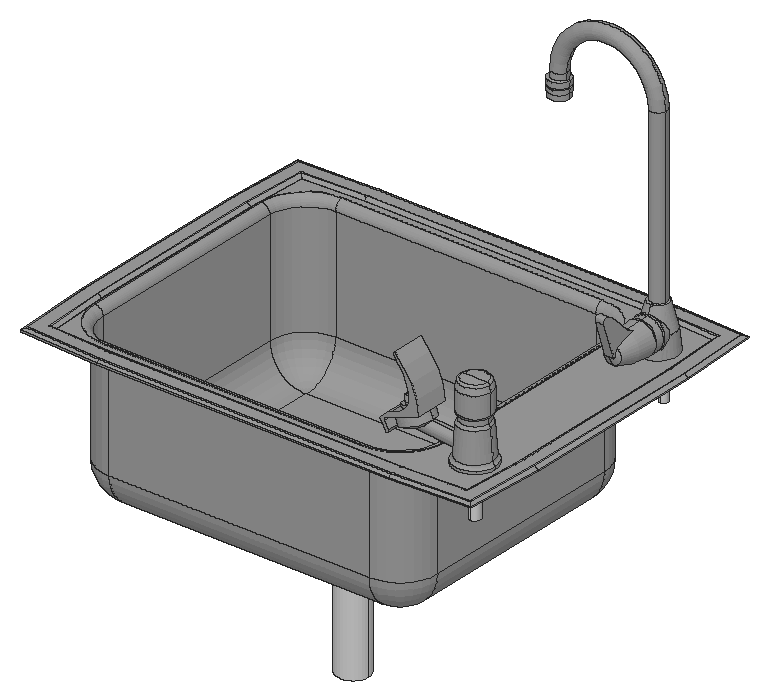
Revit family "equip-sink-clsrm-elkay-s-lustrtne-drkr2217rc", category Plumbing Fixtures, Revit 2019 (continued)
Definition of nested family "equip-bubbler-elkay-LK1141A"
  Automatic sketch dimensions
    Extrusion 4 sketch curve to Extrusion 4 sketch curve = 0' - 0.0394"
    Extrusion 4 sketch curve to Extrusion 4 sketch curve = 0' - 0.09125"
    Extrusion 4 sketch curve to Extrusion 4 sketch curve = 0' - 0.01923"
    Extrusion 4 sketch curve to Extrusion 4 sketch curve = 0' - 0.22918"
    Extrusion 4 sketch curve to Extrusion 4 sketch curve = 0' - 0.02076"
    Extrusion 4 sketch curve to Extrusion 4 sketch curve = 0' - 0.02216"
    Extrusion 4 sketch curve to Extrusion 4 sketch curve = 0' - 0.02134"
    Extrusion 4 sketch curve to Extrusion 4 sketch curve = 0' - 0.15941"
    plane 8 "Masking Region" to Extrusion 4 sketch curve = 0' - 0.25743"
    Extrusion 4 sketch curve to Extrusion 4 sketch curve = 0' - 0.46368"
    Extrusion 4 sketch curve to Extrusion 4 sketch curve = 0' - 0.13821"
    Extrusion 4 sketch curve to Extrusion 4 sketch curve = 0' - 0.20225"
    Extrusion 4 sketch curve to Extrusion 4 sketch curve = 0' - 0.11353"
    plane 8 "Masking Region" to Extrusion 4 sketch curve = 0' - 0.50139"
    Extrusion 4 sketch curve to Extrusion 4 sketch curve = 0' - 0.06529"
    Extrusion 4 sketch curve to Extrusion 4 sketch curve = 0' - 0.05449"
    plane 8 "Masking Region" to Extrusion 4 sketch curve = 0' - 0.58523"
    Extrusion 4 sketch curve to Extrusion 4 sketch curve = 0' - 0.04973"
    Extrusion 4 sketch curve to Extrusion 4 sketch curve = 0' - 0.04077"
    Extrusion 4 sketch curve to Extrusion 4 sketch curve = 0' - 0.03095"
    plane 8 "Masking Region" to Extrusion 4 sketch curve = 0' - 0.79129"
    Extrusion 4 sketch curve to Extrusion 4 sketch curve = 0' - 0.0691"
    Extrusion 4 sketch curve to Extrusion 4 sketch curve = 0' - 0.02318"
    plane 8 "Masking Region" to Extrusion 4 sketch curve = 0' - 0.99254"
    Extrusion 4 sketch curve to Extrusion 4 sketch curve = 0' - 0.00573"
    plane 8 "Masking Region" to Extrusion 4 sketch curve = 0' - 0.84887"
    Extrusion 4 sketch curve to Extrusion 4 sketch curve = 0' - 0.00775"
    plane 8 "Masking Region" to Extrusion 4 sketch curve = 0' - 0.94879"
    Extrusion 4 sketch curve to Extrusion 4 sketch curve = 0' - 0.00346"
    plane 8 "Masking Region" to Extrusion 4 sketch curve = 0' - 0.90116"
    Extrusion 4 sketch curve to Extrusion 4 sketch curve = 0' - 0.00067"
    plane 8 "Masking Region" to Extrusion 4 sketch curve = 0' - 0.29542"
    Extrusion 4 sketch curve to Extrusion 4 sketch curve = 0' - 0.54782"
    Extrusion 4 sketch curve to Extrusion 4 sketch curve = 0' - 0.037"
    Extrusion 4 sketch curve to Extrusion 4 sketch curve = 0' - 0.01821"
    Extrusion 4 sketch curve to Extrusion 4 sketch curve = 0' - 0.08332"
    Extrusion 4 sketch curve to Extrusion 4 sketch curve = 0' - 0.04079"
    Extrusion 4 sketch curve to Extrusion 4 sketch curve = 0' - 0.11952"
    Extrusion 4 sketch curve to Extrusion 4 sketch curve = 0' - 0.1288"
    Extrusion 4 sketch curve to Extrusion 4 sketch curve = 0' - 0.13956"
    Extrusion 4 sketch curve to Extrusion 4 sketch curve = 0' - 0.15222"
    Extrusion 4 sketch curve to Extrusion 4 sketch curve = 0' - 0 33/128"
    Extrusion 4 sketch curve to Extrusion 4 sketch curve = 0' - 0.2453"
    Extrusion 4 sketch curve to Extrusion 4 sketch curve = 0' - 0.2277"
    Extrusion 4 sketch curve to Extrusion 4 sketch curve = 0' - 0.02776"
    Extrusion 4 sketch curve to Extrusion 4 sketch curve = 0' - 0.0293"
    Extrusion 4 sketch curve to Extrusion 4 sketch curve = 0' - 0.02797"
    Extrusion 4 sketch curve to Extrusion 4 sketch curve = 0' - 0.02645"
    Extrusion 4 sketch curve to Extrusion 4 sketch curve = 0' - 0.1387"
    Extrusion 4 sketch curve to Extrusion 4 sketch curve = 0' - 0.03586"
    Extrusion 4 sketch curve to Extrusion 4 sketch curve = 0' - 0.01837"
    plane 8 "Masking Region" to Revolve 3 sketch curve = 0' - 0.60143"
    Revolve 3 sketch curve to plane 6 = 0' - 2.55789"
    plane 8 "Masking Region" to Revolve 3 sketch curve = 0' - 0.67547"
    Revolve 3 sketch curve to Revolve 3 sketch curve = 0' - 0.20343"
    plane 8 "Masking Region" to Revolve 3 sketch curve = 0' - 0.00034"
    Revolve 3 sketch curve to Revolve 3 sketch curve = 0' - 0.21399"
    plane 8 "Masking Region" to Revolve 3 sketch curve = 0' - 0.48632"
    Revolve 3 sketch curve to Revolve 3 sketch curve = 0' - 0.13244"
    Revolve 3 sketch curve to plane 8 "Masking Region" = 0' - 0.41205"
    Revolve 3 sketch curve to Revolve 3 sketch curve = 0' - 0.14681"
    plane 8 "Masking Region" to Revolve 3 sketch curve = 0' - 0.41207"
    Revolve 3 sketch curve to Revolve 3 sketch curve = 0' - 0.02702"
    Revolve 3 sketch curve to plane 8 "Masking Region" = 0' - 0.52147"
    Revolve 3 sketch curve to Revolve 3 sketch curve = 0' - 0.03895"
    plane 8 "Masking Region" to Revolve 3 sketch curve = 0' - 0.47756"
    plane 8 "Masking Region" to Revolve 3 sketch curve = 0' - 0.18859"
    Revolve 3 sketch curve to plane 8 "Masking Region" = 0' - 0.54909"
    Revolve 3 sketch curve to Revolve 3 sketch curve = 0' - 0.27066"
    plane 8 "Masking Region" to Revolve 3 sketch curve = 0' - 0.2938"
    Revolve 3 sketch curve to plane 8 "Masking Region" = 0' - 0.13403"
    Revolve 3 sketch curve to Revolve 3 sketch curve = 0' - 0.15571"
    radius of Sweep 2 sketch curve = 0' - 0 5/16"
    radius of curve 4 = 0' - 0.75014"
  Connectors (in)
    piping at (0, 0, -2.396449), diameter 0.5, driven by "Nominal Radius", driven by "CW Flow Rate"
      settings: on Extrusion 5, index 1, connector inside diameter 1/2", connector length 0' - 0", flow factor 0, pipe flow 2 GPM, pressure drop 0.00 psi, fitting loss kfactor 0, connector angle 0.00°, fixture units 0, engagement length 0' - 0", angle of deflection 0.00°, flow configuration 1, flow direction 1, fitting loss method 0, system type 29, joint type 0, gender type 0, connector reference index -1, connector utility 0, adjustable connector no, is connector primary yes, connector description "Cold Water Supply"
Definition of nested family "equip-faucet-elkay-LKD208513"
  Parameters
    Type Comments = ""
    Stem Material = none
    OmniClass Title = "Mixing Faucets"
    OmniClass Code = "23.45.55.17"
    Nominal Radius = Nominal Dia / 2  # 0' - 0 3/16"
    Nominal Dia = 0' - 0 3/8"
    Model = ""
    MasterFormat Title = "Commercial Faucets"
    MasterFormat Number = "22 42 39"
    Manufacturer = "Elkay"
    Keynote = ""
    HW Flow Rate = 2 GPM
    Faucet Material = none
    Description = ""
    Default Elevation = 3' - 0"
    Cost = 0
    CW Flow Rate = 2 GPM
    Assembly Code = "D2010900"
  Reference planes (in)
    plane 1 "Center (Front/Back)": y = 0
    plane 2 "Sink Deck": z = 0
    plane 3 "Center (Left/Right)": x = 0
    plane 4 "Bottom of Stem": z = -2.12225
    plane 5 "Masking Region": z = 1.25
    plane 6 "CL Back Conn": y = 0.2499908
    plane 7 "CL Front Conn": y = -0.2500092
    plane 8 "Back": y = 0.8717634
    plane 9 "Front": y = -0.8748039
    plane 10 "Right": x = 2.8962735
    plane 11 "Left": x = -2.8962735
  Forms (in)
    Sweep 1, solid, material <- "Faucet Material"
      path origin (0, 0, 0) x (0, 1, 0) y (0, 0, 1)
        loop
          line (0, 2.125) -> (0, 10.3750001)
          arc (0, 10.3750001) -> (-2.3752703, 12.75) -> (-4.7499999, 10.3744594) r 2.375
          line (-4.7499999, 10.3744594) -> (-4.7499999, 9.5941003)
      profile origin (0, 0, 6.25) x (0, -1, 0) y (1, 0, 0)
        loop
          circle (0, 0) r 0.375
    Revolve 2, solid, material <- "Faucet Material"
      sketch origin (0, 0, 0) x (1, 0, 0) y (0, 0, 1)
        loop
          line (0, 2.232) -> (0, 0) -> (0.8752501, 0)
          arc (0.8752501, 0) -> (0.8420182, 0.4847188) -> (0.7752433, 0.9659649) r 7
          arc (0.7752433, 0.9659649) -> (0.6469792, 1.5520504) -> (0.4690001, 2.125) r 7
          line (0.4690001, 2.125) -> (0.29525, 2.232) -> (0, 2.232)
        axis (0, 2.232) -> (0, 0)
      angle from 0 to 360
    Revolve 3, solid, material <- "Faucet Material"
      sketch origin (0, 0, 0) x (0, 1, 0) y (0, 0, 1)
        loop
          line (-4.7499999, 10.1878591) -> (-5.0554325, 10.1878591)
          arc (-5.0554325, 10.1878591) -> (-5.1404736, 10.0854811) -> (-5.2659999, 10.0412501) r 0.25
          line (-5.2659999, 10.0412501) -> (-5.266, 9.8112501) -> (-5.1775, 9.8112501) -> (-5.1775, 9.7152501) -> (-5.2625, 9.7152501) -> (-5.2625, 9.5302501) -> (-5.2307425, 9.5302501) -> (-5.2307425, 9.2652501) -> (-4.7499999, 9.2652501) -> (-4.7499999, 10.1878591)
        axis (-4.7499999, 10.1878591) -> (-4.7499999, 9.2652501)
      angle from 0 to 360
    Extrusion 4, solid, material <- "Stem Material"
      sketch origin (0, 0, 0) x (1, 0, 0) y (0, 1, 0)
        loop
          circle (0, -0.2500092) r 0.1875
      from -2.12225 to 0
    Extrusion 5, solid, material <- "Stem Material"
      sketch origin (0, 0, 0) x (1, 0, 0) y (0, 1, 0)
        loop
          circle (0, 0.2499908) r 0.1875
      from -2.12225 to 0
    Extrusion 6, solid, material <- "Faucet Material"
      sketch origin (0, 0, 0) x (-1, 0, 0) y (0, 0, -1)
        loop
          line (-2.8962735, -2.6289157) -> (-2.1584935, -1.8400887)
          arc (-2.1584935, -1.8400887) -> (-2.0664564, -1.762824) -> (-1.9586423, -1.7097506) r 0.5
          line (-1.9586423, -1.7097506) -> (-1.7211454, -1.6265447) -> (-1.7211454, -0.96875) -> (-2.9532815, -0.96875)
          arc (-2.9532815, -0.96875) -> (-3.2673467, -1.8076982) -> (-3.5093841, -2.6701882) r 10.589852
          spline (-3.5093841, -2.6701882) -> (-3.5194754, -2.7387654) -> (-3.5151979, -2.7970148) -> (-3.4966788, -2.8432054) -> (-3.4644682, -2.875965) -> (-3.4195233, -2.8943201) -> (-3.3631795, -2.8977255) -> (-3.2971108, -2.8860797) -> (-3.2232804, -2.859729) -> (-3.143882, -2.8194563) -> (-3.0612746, -2.7664581) -> (-2.9779129, -2.7023092) -> (-2.8962735, -2.6289157)
      from -0.2070313 to 0.2070313
    Revolve 7, solid, material <- "Faucet Material"
      sketch origin (0, 0, 0) x (1, 0, 0) y (0, 0, 1)
        loop
          arc (2.9532815, 0.96875) -> (2.8568974, 1.189374) -> (2.7555227, 1.40775) r 10.589852
          arc (2.7555227, 1.40775) -> (1.9602788, 1.6454009) -> (1.1349999, 1.73375) r 4.5234572
          line (1.1349999, 1.73375) -> (1.1349999, 1.49375) -> (1.02025, 1.49375) -> (1.02025, 0.96875) -> (2.9532815, 0.96875)
        axis (2.9532815, 0.96875) -> (1.02025, 0.96875)
      angle from 0 to 360
    Revolve 8, solid, material <- "Faucet Material"
      sketch origin (0, 0, 0) x (-1, 0, 0) y (0, 0, 1)
        loop
          line (-1.02025, 0.96875) -> (0, 0.96875) -> (0, 1.6286896) -> (-0.5804985, 1.7627082)
          arc (-0.5804985, 1.7627082) -> (-0.615052, 1.7310048) -> (-0.660637, 1.7200021) r 0.09375
          arc (-0.660637, 1.7200021) -> (-0.840466, 1.7205601) -> (-1.02025, 1.7164984) r 7
          line (-1.02025, 1.7164984) -> (-1.02025, 0.96875)
        axis (-1.02025, 0.96875) -> (0, 0.96875)
      angle from 0 to 360
  Cuts and joins
    joined: Revolve 2, Revolve 8
    joined: Extrusion 6, Revolve 7
  Lines and regions (in)
    Masking region 1
      outline origin (0, 0, 1.25) x (0, -1, 0) y (1, 0, 0)
        loop
          arc (0.7920052, 0.3718698) -> (-0.8717634, -0.0008665) -> (0.7927429, -0.3702945) r 0.8734425
          arc (0.7927429, -0.3702945) -> (0.8748039, 0.0008696) -> (0.7920052, 0.3718698) r 0.876483
    Masking region 2
      outline origin (0, 0, 1.25) x (0, -1, 0) y (1, 0, 0)
        loop
          arc (0, 0.375) -> (-0.375, 0) -> (0, -0.375) r 0.375
          line (0, -0.375) -> (4.4325976, -0.375)
          arc (4.4325976, -0.375) -> (5.271116, 0) -> (4.4325976, 0.375) r 0.5031124
          line (4.4325976, 0.375) -> (0, 0.375)
    Masking region 3
      outline origin (0, 0, 1.25) x (0, -1, 0) y (1, 0, 0)
        loop
          line (0.525, 1.02025) -> (0.525, 1.1349999) -> (0.765, 1.1349999)
          arc (0.765, 1.1349999) -> (0.6767038, 1.9602911) -> (0.4389654, 2.7555157) r 4.5192596
          line (0.4389654, 2.7555157) -> (0.2070313, 2.8630131) -> (-0.2070313, 2.8630131) -> (-0.4389654, 2.7555157)
          arc (-0.4389654, 2.7555157) -> (-0.6767038, 1.9602911) -> (-0.765, 1.1349999) r 4.5192596
          line (-0.765, 1.1349999) -> (-0.525, 1.1349999) -> (-0.525, 1.02025) -> (-0.748021, 1.02025) -> (-0.7508321, 0.6354943)
          arc (-0.7508321, 0.6354943) -> (-0.7633642, 0.5985315) -> (-0.7954714, 0.5763407) r 0.0621162
          line (-0.7954714, 0.5763407) -> (-0.768544, 0.397785)
          arc (-0.768544, 0.397785) -> (-0.0004519, 0.8667545) -> (0.7688415, 0.3997583) r 0.8653064
          line (0.7688415, 0.3997583) -> (0.7954714, 0.5763407)
          arc (0.7954714, 0.5763407) -> (0.7633642, 0.5985315) -> (0.7508321, 0.6354943) r 0.0621162
          line (0.7508321, 0.6354943) -> (0.748021, 1.02025) -> (0.525, 1.02025)
    Masking region 4
      outline origin (0, 0, 1.25) x (0, -1, 0) y (1, 0, 0)
        loop
          line (0.2070313, 3.5197715) -> (-0.2070312, 3.5197715) -> (-0.2070312, 1.4017801) -> (0.2070313, 1.4017801) -> (0.2070313, 3.5197715)
    reference lines, not visible
      curve 1: line (0, 0, 0.2813991) -> (0, 0, 2.8483181)
      curve 2: line (0, 0, 2.4508523) -> (0, 0, 0.2813991)
      curve 3: line (0, 0, 2.4508523) -> (0, 0, 0.2813991)
      curve 4: line (0, 0, 7.0063991) -> (0, 0, 0.2813991)
      curve 5: line (0, 0, 6.2563991) -> (0, 0, 0.2813991)
      curve 6: line (0, 0, 2.6763937) -> (0, 0, 1.3263991)
      curve 7: line (0, 0, 2.9662485) -> (0, 0, 0.2813991)
      curve 8: line (0, 0, 3.4210792) -> (0, 0, 0.2813991)
      curve 14: line (0, 0, 0.2813991) -> (0, 0, 2.8483181)
      curve 15: line (0, 0, 2.4508523) -> (0, 0, 0.2813991)
      curve 16: line (0, 0, 2.4508523) -> (0, 0, 0.2813991)
      curve 17: line (0, 0, 7.0063991) -> (0, 0, 0.2813991)
      curve 18: line (0, 0, 6.2563991) -> (0, 0, 0.2813991)
      curve 19: line (0, 0, 2.6763937) -> (0, 0, 1.3263991)
      curve 20: line (0, 0, 2.9662485) -> (0, 0, 0.2813991)
      curve 21: line (0, 0, 3.4210792) -> (0, 0, 0.2813991)
    symbolic lines
      curve 9: arc (0.375, -0.3283046, 1.25) -> (0, 0.4984063, 1.25) -> (-0.375, -0.3283046, 1.25) r 0.4984063
      curve 10: line (0.5756114, -0.7954714, 1.25) -> (0.5756114, -0.6480323, 1.25)
      curve 11: line (1.02025, 0.525, 1.25) -> (1.02025, -0.525, 1.25)
      curve 12: line (1.1349999, 0.525, 1.25) -> (1.1349999, -0.525, 1.25)
      curve 13: line (0.5756114, 0.7954714, 1.25) -> (0.5756114, 0.6480323, 1.25)
    reference lines
      curve 22: circle (0, 0.2499908, 0) r 0.1875 normal (0, 0, 1)
      curve 23: circle (0, -0.2500092, 0) r 0.1875 normal (0, 0, 1)
    model lines
      curve 24: line (0.375, -4.7693411, 0) -> (0.375, -4.4325976, 0)
      curve 25: arc (-0.375, -4.7693411, 0) -> (0, -5.1443411, 0) -> (0.375, -4.7693411, 0) r 0.375
      curve 26: line (-0.375, -4.4325976, 0) -> (-0.375, -4.7693411, 0)
  Dimensions and locks (in)
    locked: plane 5 "Masking Region" to plane 2 "Sink Deck" at 1.25
    "Nominal Radius": radius of curve 22
    "Nominal Radius": radius of curve 23
    aligned and locked: Extrusion 4 sketch curve to curve 23
    aligned and locked: Extrusion 5 sketch curve to curve 22
    aligned and locked: Extrusion 5 to plane 4 "Bottom of Stem"
    aligned and locked: Extrusion 4 to plane 4 "Bottom of Stem"
    aligned and locked: plane 2 "Sink Deck" to Extrusion 5
    aligned and locked: plane 2 "Sink Deck" to Extrusion 4
  Automatic sketch dimensions
    curve 23 to plane 3 "Center (Left/Right)" = 0' - 0"
    curve 22 to plane 3 "Center (Left/Right)" = 0' - 0"
    curve 23 to plane 7 "CL Front Conn" = 0' - 0"
    curve 22 to plane 6 "CL Back Conn" = 0' - 0"
    curve 1 to plane 1 "Center (Front/Back)" = 0' - 0"
    curve 2 to plane 1 "Center (Front/Back)" = 0' - 0"
    curve 3 to plane 1 "Center (Front/Back)" = 0' - 0"
    curve 4 to plane 1 "Center (Front/Back)" = 0' - 0"
    curve 5 to plane 1 "Center (Front/Back)" = 0' - 0"
    curve 6 to plane 1 "Center (Front/Back)" = 0' - 0"
    curve 7 to plane 1 "Center (Front/Back)" = 0' - 0"
    curve 8 to plane 1 "Center (Front/Back)" = 0' - 0"
    curve 14 to plane 1 "Center (Front/Back)" = 0' - 0"
    curve 15 to plane 1 "Center (Front/Back)" = 0' - 0"
    curve 16 to plane 1 "Center (Front/Back)" = 0' - 0"
    curve 17 to plane 1 "Center (Front/Back)" = 0' - 0"
    curve 18 to plane 1 "Center (Front/Back)" = 0' - 0"
    curve 19 to plane 1 "Center (Front/Back)" = 0' - 0"
    curve 20 to plane 1 "Center (Front/Back)" = 0' - 0"
    curve 21 to plane 1 "Center (Front/Back)" = 0' - 0"
    level to curve 1 = 0' - 0.2814"
    curve 20 to curve 1 = 0' - 0"
    curve 18 to curve 20 = 0' - 0"
    curve 2 to curve 18 = 0' - 0"
    curve 17 to curve 18 = 0' - 0"
    curve 3 to curve 2 = 0' - 0"
    curve 16 to curve 17 = 0' - 0"
    curve 4 to curve 2 = 0' - 0"
    curve 15 to curve 16 = 0' - 0"  (x2)
    curve 5 to curve 4 = 0' - 0"
    curve 14 to curve 1 = 0' - 0"  (x2)
    curve 8 to curve 2 = 0' - 0"
    curve 7 to curve 8 = 0' - 0"
    curve 21 to curve 15 = 0' - 0"
    plane 5 "Masking Region" to curve 6 = 0' - 0.0764"
    curve 19 to curve 6 = 0' - 0"  (x2)
    curve 6 to curve 3 = 0' - 1.12445"
    curve 16 to curve 3 = 0' - 0"
    curve 2 to curve 3 = 0' - 0"
    curve 2 to curve 6 = 0' - 0.22554"
    curve 6 to curve 1 = 0' - 0.17192"
    curve 1 to curve 20 = 0' - 0.11793"
    curve 7 to curve 20 = 0' - 0"
    curve 7 to curve 21 = 0' - 0.45483"
    curve 8 to curve 21 = 0' - 0"
    curve 8 to curve 5 = 0' - 2.83532"
    curve 18 to curve 5 = 0' - 0"
    curve 5 to curve 17 = 0' - 0 3/4"
    curve 4 to curve 17 = 0' - 0"
    Sweep 1 sketch curve to plane 1 "Center (Front/Back)" = 0' - 0"
    Sweep 1 sketch curve to plane 9 "Front" = 0' - 1.5002"
    Sweep 1 sketch curve to Sweep 1 sketch curve = 0' - 2 3/8"
    plane 5 "Masking Region" to Sweep 1 sketch curve = 0' - 0 7/8"
    plane 5 "Masking Region" to Sweep 1 sketch curve = 0' - 8.3441"
    Sweep 1 sketch curve to Sweep 1 sketch curve = 0' - 0.78036"
    Sweep 1 sketch curve to plane 3 "Center (Left/Right)" = 0' - 0"
    Sweep 1 sketch curve to profile plane = 0' - 0"
    Revolve 2 sketch curve to Revolve 2 sketch curve = 0' - 0"  (x3)
    Revolve 2 sketch curve to level = 0' - 0"  (x2)
    Revolve 2 sketch curve to plane 3 "Center (Left/Right)" = 0' - 0"  (x2)
    Revolve 2 sketch curve to level = 0' - 0.23614"
    Revolve 2 sketch curve to plane 11 "Left" = 0' - 3.22449"
    plane 3 "Center (Left/Right)" to Revolve 2 sketch curve = 0' - 0.29525"
    Revolve 2 sketch curve to Revolve 2 sketch curve = 0' - 0.17375"
    Revolve 2 sketch curve to plane 5 "Masking Region" = 0' - 0.28404"
    plane 3 "Center (Left/Right)" to Revolve 2 sketch curve = 0' - 0.77524"
    Revolve 2 sketch curve to Revolve 2 sketch curve = 0' - 0.107"
    Revolve 3 sketch curve to plane 9 "Front" = 0' - 4.40852"
    Revolve 3 sketch curve to Revolve 3 sketch curve = 0' - 0.01732"
    Revolve 3 sketch curve to Revolve 3 sketch curve = 0' - 0"  (x3)
    Revolve 3 sketch curve to Revolve 3 sketch curve = 0' - 0.0035"
    Revolve 3 sketch curve to Revolve 3 sketch curve = 0' - 0.03176"
    Revolve 3 sketch curve to Revolve 3 sketch curve = 0' - 0.085"
    Revolve 3 sketch curve to Revolve 3 sketch curve = 0' - 0.22789"
    Revolve 3 sketch curve to Revolve 3 sketch curve = 0' - 0.30543"
    plane 5 "Masking Region" to Revolve 3 sketch curve = 0' - 8.01525"
    Revolve 3 sketch curve to Revolve 3 sketch curve = 0' - 0.265"
    Revolve 3 sketch curve to Revolve 3 sketch curve = 0' - 0.185"
    Revolve 3 sketch curve to Revolve 3 sketch curve = 0' - 0.05968"
    Revolve 3 sketch curve to Revolve 3 sketch curve = 0' - 0.096"
    Revolve 3 sketch curve to Revolve 3 sketch curve = 0' - 0.23"
    Revolve 3 sketch curve to Revolve 3 sketch curve = 0' - 0.14661"
    Masking region 1 sketch curve to plane 3 "Center (Left/Right)" = 0' - 0"
    Masking region 1 sketch curve to plane 1 "Center (Front/Back)" = 0' - 0.00168"
    plane 3 "Center (Left/Right)" to Masking region 1 sketch curve = 0' - 0"
    plane 1 "Center (Front/Back)" to Masking region 1 sketch curve = 0' - 0.00168"
    plane 9 "Front" to Masking region 1 sketch curve = 0' - 0.0828"
    plane 9 "Front" to Masking region 1 sketch curve = 0' - 0.08206"
    plane 1 "Center (Front/Back)" to Masking region 2 sketch curve = 0' - 0"
    plane 1 "Center (Front/Back)" to curve 9 = 0' - 0"
    curve 9 to plane 3 "Center (Left/Right)" = 0' - 0"
    plane 6 "CL Back Conn" to curve 11 = 0' - 0.27501"
    curve 11 to curve 12 = 0' - 0"  (x2)
    curve 13 to plane 8 "Back" = 0' - 0.22373"
    curve 13 to plane 8 "Back" = 0' - 0.07629"
    curve 9 to plane 7 "CL Front Conn" = 0' - 0.0783"  (x2)
    curve 12 to plane 7 "CL Front Conn" = 0' - 0.27499"
    plane 9 "Front" to curve 10 = 0' - 0.22677"
    plane 9 "Front" to curve 10 = 0' - 0.07933"
    curve 9 to plane 3 "Center (Left/Right)" = 0' - 0 3/8"
    plane 3 "Center (Left/Right)" to curve 13 = 0' - 0.57561"
    curve 9 to curve 10 = 0' - 0.20061"
    curve 10 to curve 11 = 0' - 0.44464"
    curve 11 to curve 12 = 0' - 0.11475"
    plane 3 "Center (Left/Right)" to Masking region 3 sketch curve = 0' - 1.06891"  (x2)
    plane 8 "Back" to Masking region 3 sketch curve = 0' - 2.88201"
    Masking region 3 sketch curve to plane 8 "Back" = 0' - 0.05882"
    Masking region 3 sketch curve to Masking region 3 sketch curve = 0' - 0.01748"
    Masking region 3 sketch curve to plane 8 "Back" = 0' - 0.10322"
    Masking region 3 sketch curve to plane 8 "Back" = 0' - 0.10676"
    Masking region 3 sketch curve to Masking region 3 sketch curve = 0' - 0.06211"
    Masking region 3 sketch curve to Masking region 3 sketch curve = 0' - 0.01698"
    Masking region 3 sketch curve to Masking region 3 sketch curve = 0' - 0.22302"
    plane 10 "Right" to Masking region 3 sketch curve = 0' - 0.14076"
    Masking region 3 sketch curve to plane 1 "Center (Front/Back)" = 0' - 0.43897"
    Masking region 3 sketch curve to plane 6 "CL Back Conn" = 0' - 0 11/256"
    plane 1 "Center (Front/Back)" to Masking region 3 sketch curve = 0' - 0.00066"
    plane 7 "CL Front Conn" to Masking region 3 sketch curve = 0' - 0 11/256"
    Masking region 3 sketch curve to plane 7 "CL Front Conn" = 0' - 0.18896"
    Masking region 3 sketch curve to plane 7 "CL Front Conn" = 0' - 0.27499"
    plane 9 "Front" to Masking region 3 sketch curve = 0' - 0.12678"
    plane 9 "Front" to Masking region 3 sketch curve = 0' - 0.12397"
    plane 9 "Front" to Masking region 3 sketch curve = 0' - 0.1098"
    plane 9 "Front" to Masking region 3 sketch curve = 0' - 0.10596"
    Masking region 3 sketch curve to Masking region 3 sketch curve = 0' - 0.04464"
    plane 9 "Front" to Masking region 3 sketch curve = 0' - 0.06186"
    Masking region 3 sketch curve to Masking region 3 sketch curve = 0' - 2.94083"
    plane 3 "Center (Left/Right)" to Masking region 3 sketch curve = 0' - 1.02025"
    Masking region 3 sketch curve to Masking region 3 sketch curve = 0' - 0.11475"  (x2)
    Masking region 3 sketch curve to Masking region 3 sketch curve = 0' - 0.3843"  (x2)
    Masking region 3 sketch curve to Masking region 3 sketch curve = 0' - 0.00045"  (x2)
    Masking region 3 sketch curve to Masking region 3 sketch curve = 0' - 0.17658"
    Masking region 3 sketch curve to Masking region 3 sketch curve = 0' - 0.17856"
    plane 10 "Right" to Masking region 3 sketch curve = 0' - 0.03326"
    Masking region 4 sketch curve to plane 6 "CL Back Conn" = 0' - 0 11/256"
    plane 7 "CL Front Conn" to Masking region 4 sketch curve = 0' - 0 11/256"
    plane 3 "Center (Left/Right)" to Masking region 4 sketch curve = 0' - 1.40178"
    Masking region 4 sketch curve to plane 10 "Right" = 0' - 0.6235"
    Revolve 8 sketch curve to plane 3 "Center (Left/Right)" = 0' - 0"  (x2)
    Revolve 8 sketch curve to plane 3 "Center (Left/Right)" = 0' - 0.5805"
    Revolve 8 sketch curve to Revolve 8 sketch curve = 0' - 0.07864"
    Revolve 8 sketch curve to Revolve 8 sketch curve = 0' - 0.08014"
    Revolve 8 sketch curve to Revolve 8 sketch curve = 0' - 0"  (x2)
    Revolve 8 sketch curve to plane 3 "Center (Left/Right)" = 0' - 0.77227"
    plane 5 "Masking Region" to Revolve 8 sketch curve = 0' - 0 9/32"
    Revolve 8 sketch curve to Revolve 8 sketch curve = 0' - 0.35961"  (x2)
    plane 4 "Bottom of Stem" to Revolve 8 sketch curve = 0' - 3.15686"
    Revolve 8 sketch curve to plane 5 "Masking Region" = 0' - 0.37869"
    Revolve 8 sketch curve to plane 5 "Masking Region" = 0' - 0.4665"
    plane 10 "Right" to Extrusion 6 sketch curve = 0' - 0"
    plane 10 "Right" to Extrusion 6 sketch curve = 0' - 0.05701"
    plane 10 "Right" to Extrusion 6 sketch curve = 0' - 0.13961"
    Extrusion 6 sketch curve to Extrusion 6 sketch curve = 0' - 0.4735"
    Extrusion 6 sketch curve to plane 10 "Right" = 0' - 0.3035"
    Extrusion 6 sketch curve to Extrusion 6 sketch curve = 0' - 0.43428"
    Extrusion 6 sketch curve to Extrusion 6 sketch curve = 0' - 0.19985"
    Extrusion 6 sketch curve to Extrusion 6 sketch curve = 0' - 0.16532"
    plane 5 "Masking Region" to Extrusion 6 sketch curve = 0' - 0 9/32"
    Extrusion 6 sketch curve to Extrusion 6 sketch curve = 0' - 0.2375"
    plane 11 "Left" to Extrusion 6 sketch curve = 0' - 3.90222"
    Extrusion 6 sketch curve to plane 5 "Masking Region" = 0' - 0.37654"
    Extrusion 6 sketch curve to Extrusion 6 sketch curve = 0' - 0.08321"
    Extrusion 6 sketch curve to Extrusion 6 sketch curve = 0' - 0.13034"
    Extrusion 6 sketch curve to Extrusion 6 sketch curve = 0' - 0.07775"
    Extrusion 6 sketch curve to Extrusion 6 sketch curve = 0' - 0.23774"
    Revolve 7 sketch curve to plane 4 "Bottom of Stem" = 0' - 1.0379"
    Revolve 7 sketch curve to plane 11 "Left" = 0' - 3.90222"
    plane 5 "Masking Region" to Revolve 7 sketch curve = 0' - 0.24375"
    plane 3 "Center (Left/Right)" to Revolve 7 sketch curve = 0' - 1.02025"
    Revolve 7 sketch curve to Revolve 7 sketch curve = 0' - 0"  (x3)
    plane 3 "Center (Left/Right)" to Revolve 7 sketch curve = 0' - 1.06817"
    Revolve 7 sketch curve to Revolve 7 sketch curve = 0' - 0.11475"
    plane 10 "Right" to Revolve 7 sketch curve = 0' - 0.14075"
    Revolve 7 sketch curve to plane 10 "Right" = 0' - 0.05701"
    Revolve 7 sketch curve to plane 4 "Bottom of Stem" = 0' - 0.66696"
    Revolve 7 sketch curve to plane 5 "Masking Region" = 0' - 0 9/32"
    Masking region 2 sketch curve to plane 3 "Center (Left/Right)" = 0' - 0"  (x2)
    Masking region 2 sketch curve to plane 3 "Center (Left/Right)" = 0' - 0 3/8"
    Masking region 2 sketch curve to plane 9 "Front" = 0' - 3.55779"
    Masking region 2 sketch curve to Masking region 2 sketch curve = 0' - 0.33541"
    curve 25 to plane 3 "Center (Left/Right)" = 0' - 0"
    curve 26 to curve 25 = 0' - 0 3/8"
    curve 26 to plane 9 "Front" = 0' - 3 229/256"
    curve 25 to curve 26 = 0' - 0.33674"
    curve 24 to curve 24 = 0' - 0.33674"
    radius of Sweep 1 sketch curve = 0' - 0 3/8"
  Connectors (in)
    piping at (0, -0.2500092, -2.12225), diameter 0.375, driven by "Nominal Radius", driven by "HW Flow Rate"
      settings: on Extrusion 4, index 1, connector inside diameter 3/8", connector length 0' - 0", flow factor 0, pipe flow 2 GPM, pressure drop 0.00 psi, fitting loss kfactor 0, connector angle 0.00°, fixture units 0, engagement length 0' - 0", angle of deflection 0.00°, flow configuration 1, flow direction 1, fitting loss method 0, system type 29, joint type 0, gender type 0, connector reference index -1, connector utility 0, adjustable connector no, is connector primary yes, connector description "Hot Water Supply"
    piping at (0, 0.2499908, -2.12225), diameter 0.375, driven by "CW Flow Rate", driven by "Nominal Radius"
      settings: on Extrusion 5, index 2, connector inside diameter 3/8", connector length 0' - 0", flow factor 0, pipe flow 2 GPM, pressure drop 0.00 psi, fitting loss kfactor 0, connector angle 0.00°, fixture units 0, engagement length 0' - 0", angle of deflection 0.00°, flow configuration 1, flow direction 1, fitting loss method 0, system type 29, joint type 0, gender type 0, connector reference index -1, connector utility 0, adjustable connector no, is connector primary no, connector description "Cold Water Supply"
Definition of nested family "equip-drain-elkay-LK35"
  Parameters
    Type Comments = ""
    Stem Material = none
    OmniClass Title = "Drains (Wastes)"
    OmniClass Code = "23.45.55.21"
    Model = "LK35"
    MasterFormat Title = "Plumbing"
    MasterFormat Number = "22 00 00"
    Manufacturer = "Elkay"
    Keynote = ""
    Drain Material = none
    Description = ""
    Default Elevation = 0' - 0"
    Cost = 0
    Assembly Code = "D2030400"
  Reference planes (in)
    plane 1 "Center (Front/Back)": y = 0.1875
    plane 2 "Sink Bowl Bottom (Top Face)": z = 0
    plane 3 "Center (Left/Right)": x = 0
    plane 4 "Bottom of Pipe Extension": z = -7.5
    plane 5 "Bottom of Drain Basket": z = -2
    plane 6: y = -2.0625
    plane 7: y = 2.4375
  Forms (in)
    Extrusion 1, solid, material <- "Stem Material"
      sketch origin (0, 0, 0) x (1, 0, 0) y (0, 1, 0)
        loop
          circle (0, 0.1875) r 0.75
      from -7.5 to -2
    Revolve 2, solid, material <- "Drain Material"
      sketch origin (0, 0.1875, 0) x (1, 0, 0) y (0, 0, 1)
        loop
          arc (1.0902439, -1.7526044) -> (1.1262395, -1.6873477) -> (1.195166, -1.6583919) r 0.1120789
          arc (1.195166, -1.6583919) -> (1.497604, -1.519626) -> (1.6210938, -1.2106356) r 0.4483156
          line (1.6210938, -1.2106356) -> (1.6210938, -0.1681184)
          arc (1.6210938, -0.1681184) -> (1.6703345, -0.0492407) -> (1.7892121, 0) r 0.1681184
          line (1.7892121, 0) -> (2.25, 0) -> (2.25, -0.1168909) -> (1.7724158, -0.1168909)
          arc (1.7724158, -0.1168909) -> (1.7565654, -0.1234564) -> (1.75, -0.1393067) r 0.0224158
          line (1.75, -0.1393067) -> (1.75, -1.5516844)
          arc (1.75, -1.5516844) -> (1.6186914, -1.8686914) -> (1.3016844, -2) r 0.4483156
          line (1.3016844, -2) -> (0.5625, -2) -> (0.5625, -1.8270695) -> (0.9990558, -1.8270695)
          arc (0.9990558, -1.8270695) -> (1.0570118, -1.8058211) -> (1.087499, -1.7521469) r 0.0896631
        axis (0, 0) -> (0, -2)
      angle from 0 to 360
    Revolve 3, solid, material <- "Drain Material"
      sketch origin (-0.1792555, 0.1875, 3.9475091) x (1, 0, 0) y (0, 0, 1)
        loop
          line (0.4473134, -4.8850091) -> (1.8003492, -4.1350091) -> (1.7439482, -4.1350091) -> (0.4402418, -4.8576653) -> (0.3293153, -4.8576653) -> (0.3072087, -4.1489566) -> (0.3938715, -4.1489566)
          arc (0.3938715, -4.1489566) -> (0.4072872, -4.1417429) -> (0.4086671, -4.1265733) r 0.0160817
          line (0.4086671, -4.1265733) -> (0.3823985, -4.0648975)
          arc (0.3823985, -4.0648975) -> (0.2816841, -4.0448039) -> (0.1792555, -4.0373528) r 0.8266894
          line (0.1792555, -4.0373528) -> (0.1792555, -4.8850091) -> (0.4473134, -4.8850091)
        axis (0.1792555, -4.0373528) -> (0.1792555, -4.8850091)
      angle from 0 to 360
  Lines and regions (in)
    Masking region 1
      outline origin (0, 0, 1.25) x (0, -1, 0) y (1, 0, 0)
        loop
          arc (0.6045052, 0.3718698) -> (-1.0592634, -0.0008665) -> (0.6052429, -0.3702945) r 0.8734425
          arc (0.6052429, -0.3702945) -> (0.6873039, 0.0008696) -> (0.6045052, 0.3718698) r 0.876483
  Dimensions and locks (in)
    locked: plane 2 "Sink Bowl Bottom (Top Face)" to plane 4 "Bottom of Pipe Extension" at 7.5
    locked: plane 6 to plane 7 at 4.5
    equal spacing: plane 6, plane 1 "Center (Front/Back)", plane 7
    locked: plane 2 "Sink Bowl Bottom (Top Face)" to plane 5 "Bottom of Drain Basket" at 2
    angle Revolve 3 sketch curve to Revolve 3 sketch curve = 29.00°
    aligned and locked: plane 5 "Bottom of Drain Basket" to Extrusion 1
    aligned and locked: Extrusion 1 to plane 4 "Bottom of Pipe Extension"
  Automatic sketch dimensions
    Masking region 1 sketch curve to plane 3 "Center (Left/Right)" = 0' - 0"
    Masking region 1 sketch curve to plane 1 "Center (Front/Back)" = 0' - 0.00168"
    plane 3 "Center (Left/Right)" to Masking region 1 sketch curve = 0' - 0"
    plane 1 "Center (Front/Back)" to Masking region 1 sketch curve = 0' - 0.00168"
    plane 3 "Center (Left/Right)" to Masking region 1 sketch curve = 0' - 0.37187"
    plane 1 "Center (Front/Back)" to Masking region 1 sketch curve = 0' - 0.79201"
    Revolve 2 sketch curve to level = 0' - 0"  (x2)
    Revolve 2 sketch curve to plane 3 "Center (Left/Right)" = 0' - 0"
    Revolve 2 sketch curve to plane 5 "Bottom of Drain Basket" = 0' - 0"  (x2)
    plane 5 "Bottom of Drain Basket" to Revolve 2 sketch curve = 0' - 0.17293"
    plane 3 "Center (Left/Right)" to Revolve 2 sketch curve = 0' - 0 9/16"
    Revolve 2 sketch curve to Revolve 2 sketch curve = 0' - 0.08844"
    Revolve 2 sketch curve to Revolve 2 sketch curve = 0' - 0.00274"
    Revolve 2 sketch curve to Revolve 2 sketch curve = 0' - 0.08528"
    Revolve 2 sketch curve to Revolve 2 sketch curve = 0' - 0.10492"
    Revolve 2 sketch curve to Revolve 2 sketch curve = 0' - 0.00003"
    Revolve 2 sketch curve to Revolve 2 sketch curve = 0' - 0.0056"
    Revolve 2 sketch curve to Revolve 2 sketch curve = 0' - 0.10652"
    Revolve 2 sketch curve to Revolve 2 sketch curve = 0' - 0.44832"
    Revolve 2 sketch curve to Revolve 2 sketch curve = 0' - 0 33/256"
    Revolve 2 sketch curve to Revolve 2 sketch curve = 0' - 0.02242"
    Revolve 2 sketch curve to Revolve 2 sketch curve = 0' - 0.0168"
    Revolve 2 sketch curve to Revolve 2 sketch curve = 0' - 0.46079"
    Revolve 2 sketch curve to Revolve 2 sketch curve = 0' - 0.05604"
    Revolve 2 sketch curve to Revolve 2 sketch curve = 0' - 0.01843"
    Revolve 2 sketch curve to Revolve 2 sketch curve = 0' - 0.00046"
    Revolve 2 sketch curve to Revolve 2 sketch curve = 0' - 0.0007"
    Revolve 2 sketch curve to Revolve 2 sketch curve = 0' - 0.02881"
    Revolve 2 sketch curve to Revolve 2 sketch curve = 0' - 0.43656"
    Revolve 3 sketch curve to plane 3 "Center (Left/Right)" = 0' - 0"  (x2)
    Revolve 3 sketch curve to plane 3 "Center (Left/Right)" = 0' - 0.00865"
    plane 3 "Center (Left/Right)" to Revolve 3 sketch curve = 0' - 0.12795"
    plane 3 "Center (Left/Right)" to Revolve 3 sketch curve = 0' - 0.15006"
    Revolve 3 sketch curve to Revolve 3 sketch curve = 0' - 0.07519"
    Revolve 3 sketch curve to Revolve 3 sketch curve = 0' - 0.01147"
    Revolve 3 sketch curve to Revolve 3 sketch curve = 0' - 0.0148"
    Revolve 3 sketch curve to Revolve 3 sketch curve = 0' - 0.11093"
    Revolve 3 sketch curve to Revolve 3 sketch curve = 0' - 0.00707"
    Revolve 3 sketch curve to level = 0' - 0 3/16"
    Revolve 3 sketch curve to Revolve 3 sketch curve = 0' - 1.33528"
    Revolve 3 sketch curve to Revolve 3 sketch curve = 0' - 0.0564"
    Revolve 3 sketch curve to Revolve 3 sketch curve = 0' - 0.02101"
    Revolve 3 sketch curve to Revolve 3 sketch curve = 0' - 0 7/256"
    Revolve 3 sketch curve to Revolve 3 sketch curve = 0' - 0.16649"
    Revolve 3 sketch curve to level = 0' - 0.20145"
    Revolve 3 sketch curve to Revolve 3 sketch curve = 0' - 0.01608"
    Revolve 3 sketch curve to Revolve 3 sketch curve = 0' - 0.06168"
    Revolve 3 sketch curve to Revolve 3 sketch curve = 0' - 0"
    plane 1 "Center (Front/Back)" to Extrusion 1 sketch curve = 0' - 0"
    Extrusion 1 sketch curve to plane 3 "Center (Left/Right)" = 0' - 0"
    radius of Extrusion 1 sketch curve = 0' - 0 3/4"
Definition of nested family "plan-detail-faucet-elkay-LKD208513"
  Reference planes (in)
    plane 1 "Center (Front/Back)": y = 0
    plane 2: z = 0
    plane 3 "Center (Left/Right)": x = 0
  Lines and regions (in)
    Masking region 1, in view "Ref. Level"
      outline origin (0, 0, 0) x (1, 0, 0) y (0, 1, 0)
        loop
          line (0.375, -0.7905248) -> (0.375, 0)
          arc (0.375, 0) -> (0, 0.375) -> (-0.375, 0) r 0.375
          line (-0.375, 0) -> (-0.375, -0.7905232)
          arc (-0.375, -0.7905232) -> (0.0000035, 0.8717638) -> (0.375, -0.7905248) r 0.8734425
    Masking region 2, in view "Ref. Level"
      outline origin (0, 0, 0) x (1, 0, 0) y (0, 1, 0)
        loop
          arc (0.375, 0) -> (0, 0.375) -> (-0.375, 0) r 0.375
          line (-0.375, 0) -> (-0.375, -4.4325976)
          arc (-0.375, -4.4325976) -> (0, -5.271116) -> (0.375, -4.4325976) r 0.5031124
          line (0.375, -4.4325976) -> (0.375, 0)
    Masking region 3, in view "Ref. Level"
      outline origin (0, 0, 0) x (1, 0, 0) y (0, 1, 0)
        loop
          line (1.4978714, 0.2070312) -> (1.4978714, -0.2070312) -> (2.8012443, -0.2070312) -> (2.8012443, 0.2070312) -> (1.4978714, 0.2070312)
    Masking region 4, in view "Ref. Level"
      outline origin (0, 0, 0) x (1, 0, 0) y (0, 1, 0)
        loop
          line (1.4017801, 0.2070312) -> (1.4017801, -0.2070312) -> (3.5197715, -0.2070312) -> (3.5197715, 0.2070312) -> (1.4017801, 0.2070312)
    Masking region 5, in view "Ref. Level"
      outline origin (0, 0, 0) x (1, 0, 0) y (0, 1, 0)
        loop
          line (1.02025, 0.750137) -> (0.6359481, 0.750137)
          arc (0.6359481, 0.750137) -> (0.5987129, 0.7632278) -> (0.5763407, 0.7954714) r 0.0621162
          line (0.5763407, 0.7954714) -> (0.4087821, 0.7702024)
          arc (0.4087821, 0.7702024) -> (0.8734398, 0.0011012) -> (0.4136872, -0.7709421) r 0.8734425
          line (0.4136872, -0.7709421) -> (0.5763407, -0.7954714)
          arc (0.5763407, -0.7954714) -> (0.5987129, -0.7632278) -> (0.6359481, -0.7508305) r 0.0621162
          line (0.6359481, -0.7508305) -> (1.02025, -0.750137) -> (1.02025, -0.5247903) -> (1.1349999, -0.5247903) -> (1.1349999, -0.765)
          arc (1.1349999, -0.765) -> (1.9602911, -0.6767038) -> (2.7555157, -0.4389654) r 4.5192596
          line (2.7555157, -0.4389654) -> (2.8630131, -0.2070313) -> (1.4017801, -0.2070313) -> (1.4017801, 0.2070312) -> (2.8630131, 0.2070312) -> (2.7555157, 0.4389654)
          arc (2.7555157, 0.4389654) -> (1.9602911, 0.6767038) -> (1.1349999, 0.765) r 4.5192596
          line (1.1349999, 0.765) -> (1.1349999, 0.5247903) -> (1.02025, 0.5247903) -> (1.02025, 0.750137)
    detail lines, in view "Ref. Level"
      curve 1: arc (0.375, -0.3323995, 0) -> (0.0000042, 0.4983213, 0) -> (-0.375, -0.3323957, 0) r 0.5
      curve 2: arc (-0.375, -4.7732474, 0) -> (0, -5.1482474, 0) -> (0.375, -4.7732474, 0) r 0.375
      curve 3: line (1.02025, -0.5247903, 0) -> (1.02025, 0.5247903, 0)
      curve 4: line (1.1349999, -0.5247903, 0) -> (1.1349999, 0.5247903, 0)
      curve 5: line (0.5763407, -0.7954714, 0) -> (0.5763407, -0.6579829, 0)
      curve 6: line (0.5763407, 0.7954714, 0) -> (0.5763407, 0.6546254, 0)
      curve 7: line (0.375, -4.7693411, 0) -> (0.375, -4.4325976, 0)
      curve 8: arc (-0.375, -4.7693411, 0) -> (0, -5.1443411, 0) -> (0.375, -4.7693411, 0) r 0.375
      curve 9: line (-0.375, -4.4325976, 0) -> (-0.375, -4.7693411, 0)
Definition of nested family "plan-detail-bubbler-elkay-LK1141A"
  Parameters
    Assembly Code = ""
  Reference planes (in)
    plane 1 "Center (Front/Back)": y = 0
    plane 2: z = 0
    plane 3 "Center (Left/Right)": x = 0
  Lines and regions (in)
    Masking region 1, in view "Ref. Level"
      outline origin (0, 0, 0) x (1, 0, 0) y (0, 1, 0)
        loop
          line (0.7800503, -3.9197519) -> (0.7800503, -2.0645159) -> (0.3125, -2.0645159) -> (0.3125, -0.9184751)
          arc (0.3125, -0.9184751) -> (0, 0.9701818) -> (-0.3125, -0.9184751) r 0.9701818
          line (-0.3125, -0.9184751) -> (-0.3125, -2.0645159) -> (-0.7801168, -2.0645159) -> (-0.7801168, -3.9197519) -> (0.7800503, -3.9197519)
    detail lines, in view "Ref. Level"
      curve 1: arc (-0.3125, -0.9184751, 0) -> (0, -0.9701818, 0) -> (0.3125, -0.9184751, 0) r 0.9701818
      curve 2: line (-0.3125, -2.0645159, 0) -> (0.3125, -2.0645159, 0)
      curve 3: circle (0, 0, 0) r 0.75 normal (0, 0, 1)
